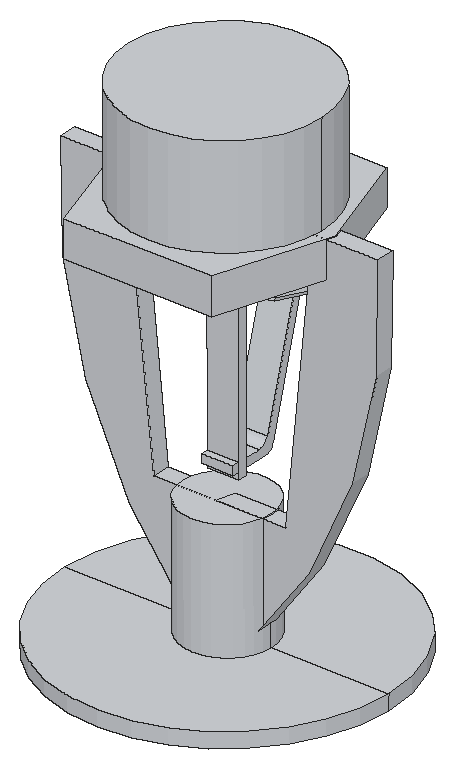
Revit family "N251B", category Sprinklers, Revit 2018
Family settings
  Maintain Annotation Orientation = Yes
  Round Connector Dimension = Use Radius
  Part Type = Normal
  OmniClass Number = 23.85.30.21
  OmniClass Title = Environmental Detection/Registration
  Work Plane-Based = No
  Always vertical = Yes
  Cut with Voids When Loaded = No
  Shared = No
  Room Calculation Point = No
Parameters (values of type "RASCO N25 ESFR")
  Temperature Rating = 165 °F
  Response = Standard
  RASCO SIN # = "RA0912"
  RASCO Part # = "DB16116391"
  Pressure Rating = "175 PSI"
  Pressure Class = Standard
  Orifice Size = 1"
  Orifice = Standard
  Model = "N25 ESFR"
  Manufacturer = "RASCO"
  K-Factor = 25.2
  Diameter = 1"
  Description = "BRONZE FINISH"
  Coverage = Extended
Reference planes (in)
  plane 1 "Center (Front/Back)": y = 0
  plane 2: z = 0
  plane 3 "Center (Left/Right)": x = 0
Nested families (in)
  nested 1: "RASCO- N25 ESFR" at (-0.01012, 1.53656, 3.84872) x (-1, 0, -0.0012) z (0.0012, 0, -1), type "RASCO N25 ESFR"
Connectors (in)
  piping at (-0.01012, 1.53656, 3.84872), diameter 1
    settings: on nested 1, index 1, connector inside diameter 24", connector length 0' - 0", flow factor 0, pipe flow 0 GPM, pressure drop 0.00 psi, fitting loss kfactor 0, connector angle 0.00°, fixture units 0, engagement length 0' - 0", angle of deflection 0.00°, flow configuration 0, flow direction 2, fitting loss method 0, system type 7, joint type 0, gender type 0, connector reference index -1, connector utility 0, adjustable connector no, is connector primary yes, connector description ""
Definition of nested family "RASCO- N25 ESFR"
  Parameters
    Type Comments = ""
    Temperature Rating = 0 °F
    Response = (empty or 0)
    Pressure Rating = "0"
    Pressure Class = (empty or 0)
    Orifice Size = 0"
    Orifice = (empty or 0)
    Model = ""
    Manufacturer = ""
    K-Factor = 0
    Description = ""
    Coverage = (empty or 0)
    Assembly Code = ""
  Reference planes (in)
    plane 1 "Center (Front/Back)": y = 0
    plane 2: z = 0
    plane 3 "ref.2": z = 0.6875
    plane 4 "ref.3": z = 0.9375
    plane 5: x = -0.38065
    plane 6: x = 0.36935
    plane 7 "ref. side 1": y = 0.06402
    plane 8 "ref. side 2": y = -0.06098
    plane 9 "ref.4": z = 2.6
    plane 10 "ref.5": z = 3.6
    plane 11 "center": x = -0.00574
    plane 12 "clip": through (0, 0.52703, 1.36085) normal (0, 0.2756, -0.9613)
  Forms (in)
    Extrusion 1, solid
      sketch origin (0, 0, 0) x (1, 0, 0) y (0, 1, 0)
        loop
          circle (0, 0) r 0.659
      from 0 to 0.6875
    Extrusion 2, solid
      sketch origin (-0.12185, 0.05177, 0.6875) x (1, 0, 0) y (0, 1, 0)
        loop
          line (-0.37766, 0.70082) -> (-0.6339, -0.05177) -> (-0.3889, -0.80818) -> (0.62234, -0.80818) -> (0.8661, -0.05177) -> (0.62234, 0.70082) -> (-0.37766, 0.70082)
      from 0 to 0.25
    Extrusion 3, solid
      sketch origin (0, 0, 0) x (1, 0, 0) y (0, 0, 1)
        loop
          line (-1.09324, 0.6875) -> (-0.62034, 0.6875) -> (-0.62034, 0.96854)
          arc (-0.62034, 0.96854) -> (-0.58056, 1.76334) -> (-0.46159, 2.55019) r 7.95835
          line (-0.46159, 2.55019) -> (0.44697, 2.55019)
          arc (0.44697, 2.55019) -> (0.56668, 1.78042) -> (0.60672, 1.00242) r 7.57793
          line (0.60672, 1.00242) -> (0.60672, 0.6875) -> (1.08176, 0.6875)
          arc (1.08176, 0.6875) -> (0.90757, 2.11947) -> (0.17997, 3.36505) r 3.56334
          line (0.17997, 3.36505) -> (-0.19366, 3.36505)
          arc (-0.19366, 3.36505) -> (-0.92012, 2.11923) -> (-1.09324, 0.6875) r 3.563
      from -0.06402 to 0.06098
    Extrusion 4, solid
      sketch origin (-0.00199, 0, 3.1625) x (-1, 0, 0) y (0, -1, 0)
        loop
          circle (0.00574, -0.00152) r 0.3
      from -0.61231 to 0.4375
    Revolve 5, solid
      sketch origin (-0.0011, 0, 1.03138) x (1, 0, 0) y (0, 0, 1)
        loop
          line (-0.19255, 2.33367) -> (-0.19255, 2.43679) -> (-0.34939, 2.43679) -> (-1.11507, 2.43679) -> (-1.11507, 2.33367) -> (-0.19255, 2.33367)
        axis (-0.00574, 2.33367) -> (-0.00574, 2.43679)
      angle from 0 to 360
    Extrusion 6, solid
      sketch origin (0, 0, 0.9375) x (-1, 0, 0) y (0, -1, 0)
        loop
          line (-0.10175, -0.02852) -> (0.11324, -0.02852) -> (0.11324, 0.03101) -> (-0.10175, 0.03101) -> (-0.10175, -0.02852)
      from 0 to 1.45629
    Extrusion 7, solid
      sketch origin (-0.00574, 0, 0) x (0, 0, -1) y (0, -1, 0)
        loop
          line (-2.34418, 0.08154) -> (-2.34418, -0.18975)
          arc (-2.34418, -0.18975) -> (-2.3294, -0.23392) -> (-2.29102, -0.2603) r 0.07339
          line (-2.29102, -0.2603) -> (-1.29471, -0.54599) -> (-1.27823, -0.48852) -> (-2.23088, -0.21535)
          arc (-2.23088, -0.21535) -> (-2.26901, -0.18915) -> (-2.28369, -0.14527) r 0.07291
          line (-2.28369, -0.14527) -> (-2.28369, 0.08154) -> (-2.34418, 0.08154)
      from -0.1075 to 0.1075
    Extrusion 8, solid
      sketch origin (0, -0.32053, 1.11781) x (0, 0.961262, 0.275637) y (1, 0, 0)
        loop
          line (0.84059, -0.34079) -> (0.916, -0.26539) -> (0.916, 0.24563) -> (0.84145, 0.32018) -> (0.33718, 0.32018) -> (0.26218, 0.24518) -> (0.26218, -0.26617) -> (0.3368, -0.34079) -> (0.84059, -0.34079)
      from -0.01906 to 0
  Cuts and joins
    joined: Extrusion 1, Extrusion 2, Revolve 5
